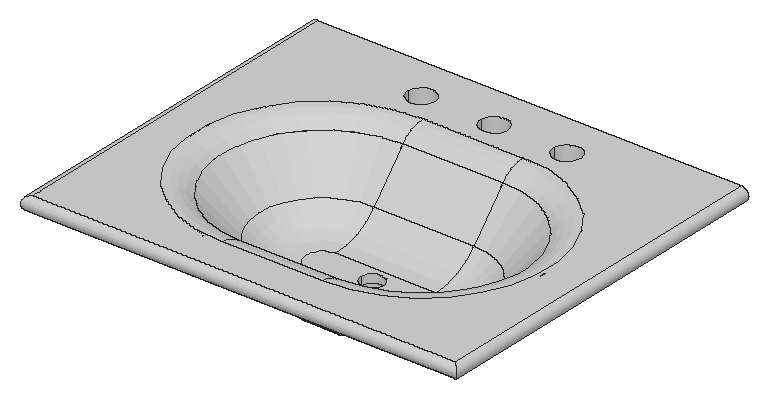
Revit family "Basin-Vanity_Sink-American_Standard-Studio_S-129700X", category Plumbing Fixtures, Revit 2019
Family settings
  Round Connector Dimension = Use Diameter
  Part Type = Normal
  OmniClass Number = 23.45.05.14.14
  OmniClass Title = Sinks/Lavatories
  Work Plane-Based = Yes
  Always vertical = No
  Cut with Voids When Loaded = Yes
  Shared = Yes
  Room Calculation Point = No
Parameters (values of type "1297008.020")
  Width = 24"  # constant formula
  Waste Connection Height = 18 1/8"  # constant formula
  Waste Connection Diameter = 1 1/4"  # constant formula
  Waste Connection = yes
  Warranty Documentation Link = "https://www.americanstandard-us.com/parts-support/warranty"
  WFU = 2
  Vent Connection = no
  URL = "http://www.americanstandard-us.com/"
  Revised Date = "05/03/2022"  # constant formula
  Product Page URL = "https://www.americanstandard-us.com/Countertop-Bathroom-Sinks/Studio-S-24-Inch-Vitreous-China-Vanity-Sink-Top-8-Inch-Centers/WHITE-1297008020"
  Product Documentation Link = "https://americanstandard.box.com/shared/static/87bktvmgrke5nhdzdus6iiyh0ewp0sf6.pdf"
  Price = "Prices may vary. Please consult Manufacturer Representative for most up-to-date price list."  # constant formula
  Model = "1297008.020"
  Material = "Vitreous China-American Standard-020-White"
  Manufacturer = "American Standard"  # constant formula
  Length = 20"  # constant formula
  Installation Type = "Counter"  # constant formula
  IAPMO Compliance = "ASME A112.19.2/CSA B 45.1"  # constant formula
  Hot Water Connection Width = 4"  # constant formula
  Hot Water Connection Height = Cold Water Connection Height  # 20 1/4"
  Hot Water Connection Diameter = Cold Water Connection Diameter  # 1/2"
  Height = 1 5/16"  # constant formula
  HWFU = 1.5
  HW Connection = yes
  Finish = Vitreous China-American Standard-020-White
  Faucet hole HW CW = yes
  Faucet hole HCW = if(Faucet hole Center only, 0", 1 5/16")  # 1 5/16"
  Faucet hole Center only = no
  Description = "Studio® S 24-Inch Vitreous China Vanity Sink Top 8-Inch Centers"
  Default Elevation = 31"
  Creation Date = "5/05/2018"  # constant formula
  Cold Water Connection Width = Hot Water Connection Width  # 4"
  Cold Water Connection Height = 20 1/4"  # constant formula
  Cold Water Connection Diameter = 1/2"  # constant formula
  CWFU = 1.5
  CW Connection = yes
  Assembly Code = "D2010310"
  ADA Compliant = yes
Types (3): name | Product Page URL | Model | Faucet hole HW CW | Faucet hole HCW | Faucet hole Center only | Description | Assembly Code
  (no name) | "https://www.americanstandard-us.com/Countertop-Bathroom-Sinks/Studio-S-24-Inch-Vitreous-China-Vanity-Sink-Top-8-Inch-Centers/WHITE-1297008020" | "1297008.020" | yes | 1 5/16" | no | "Studio® S 24-Inch Vitreous China Vanity Sink Top 8-Inch Centers" | "D2010310"
  1297008.020 | "https://www.americanstandard-us.com/Countertop-Bathroom-Sinks/Studio-S-24-Inch-Vitreous-China-Vanity-Sink-Top-8-Inch-Centers/WHITE-1297008020" | "1297008.020" | yes | 1 5/16" | no | "Studio® S 24-Inch Vitreous China Vanity Sink Top 8-Inch Centers" | "D2010310"
  1297001.020 | "https://www.americanstandard-us.com/Countertop-Bathroom-Sinks/Studio-S-24-Inch-Vitreous-China-Vanity-Sink-Top-Center-Hole-Only/WHITE-1297001020" | "1297001.020" | no | 0" | yes | "Studio® S 24-Inch Vitreous China Vanity Sink Top Center Hole Only" | "D2010300"
Reference planes (in)
  plane 1 "Center (Front/Back)": y = 0
  plane 2: z = 0
  plane 3 "Center (Left/Right)": x = 0
  plane 4: z = 1.3125
  plane 5: z = -10.75
  plane 6: z = -12.875
  plane 7: x = 4
  plane 8: x = -4
  plane 9: z = -3.125
  plane 10: z = -4.6875
  plane 11: x = -12
  plane 12: x = 12
  plane 13: y = -3.5
  plane 14: y = -5.9375
  plane 15: y = -14.3125
  plane 16: y = -23.5
  plane 17: x = -4
  plane 18: x = 4
  plane 19: z = -31
  plane 20: y = -8.0625
  plane 21: x = -9.84375
  plane 22: x = 9.84375
  plane 23: y = -7.21875
  plane 24: y = -21.40625
  plane 25: z = -2.6875
  plane 26: x = -9.75
  plane 27: x = 9.75
  plane 28: x = -2.6950994
  plane 29: x = 2.6597496
  plane 30: y = -7.21875
Forms (in)
  Extrusion 1, solid, not visible
    sketch origin (0, 0, 0) x (1, 0, 0) y (0, 0, 1)
      loop
        circle (0, -12.875) r 0.625
      loop
        circle (4, -10.75) r 0.25
      loop
        circle (-4, -10.75) r 0.25
    from -0.03125 to 0
  Sweep 2, solid, material "Vitreous China-American Standard-020-White" <- "Finish"
    path origin (0, 0, 0) x (1, 0, 0) y (0, 1, 0)
      loop
        line (-12, -3.5) -> (-12, -23.5) -> (12, -23.5) -> (12, -3.5)
    profile origin (-12, -13.5, 0) x (1, 0, 0) y (0, 0, 1)
      loop
        line (1.3883029, 1.3111829) -> (0.3754542, 1.3111829)
        arc (0.3754542, 1.3111829) -> (0.0004542, 0.9361829) -> (0.3754542, 0.5611829) r 0.375
        line (0.3754542, 0.5611829) -> (0.7898706, 0.5611829)
        arc (0.7898706, 0.5611829) -> (0.9384545, 0.4996374) -> (1, 0.3510535) r 0.2101294
        line (1, 0.3510535) -> (1, 0) -> (1.3883029, 0) -> (1.3883029, 1.3111829)
  Sweep 3, solid, material "Vitreous China-American Standard-020-White" <- "Finish"
    path origin (-15.1245458, -3.5, 1.3111829) x (0, -1, 0) y (1, 0, 0)
      loop
        arc (3.8125, 12.3802121) -> (10.8125, 5.3802121) -> (17.8125, 12.3802121) r 7
        line (17.8125, 12.3802121) -> (17.8125, 17.8666306)
        arc (17.8125, 17.8666306) -> (10.8125, 24.8666306) -> (3.8125, 17.8666306) r 7
        line (3.8125, 17.8666306) -> (3.8125, 12.3802121)
    profile origin (-0.0011245, -7.3125, 1.3111829) x (0, 1, 0) y (0, 0, 1)
      loop
        line (0.09375, 0) -> (-0.0672927, 0)
        arc (-0.0672927, 0) -> (-0.8416791, -0.1643478) -> (-1.4825609, -0.6290574) r 1.9065805
        line (-1.4825609, -0.6290574) -> (-3.4818306, -2.8438924)
        arc (-3.4818306, -2.8438924) -> (-4.6583276, -3.6969819) -> (-6.0799054, -3.9986829) r 3.5
        line (-6.0799054, -3.9986829) -> (-6.4584439, -3.9986829) -> (-6.4584439, -4.4361829) -> (-5.3876188, -4.4361829)
        arc (-5.3876188, -4.4361829) -> (-4.3293234, -4.2358162) -> (-3.4175183, -3.6624511) r 2.8950322
        arc (-3.4175183, -3.6624511) -> (-2.7324635, -2.9316325) -> (-2.1548629, -2.1132356) r 7.238307
        arc (-2.1548629, -2.1132356) -> (-1.876998, -1.7161514) -> (-1.5498391, -1.3585877) r 3.7176806
        arc (-1.5498391, -1.3585877) -> (-0.9402988, -0.8168211) -> (-0.2914362, -0.3228294) r 10.748068
        arc (-0.2914362, -0.3228294) -> (-0.1819464, -0.2686414) -> (-0.0612117, -0.25) r 0.4003017
        line (-0.0612117, -0.25) -> (0.09375, -0.25) -> (0.09375, 0)
  Extrusion 4, solid, material "Vitreous China-American Standard-020-White" <- "Finish"
    sketch origin (0, 0, 0) x (1, 0, 0) y (0, 1, 0)
      loop
        line (-10.6116971, -22.1116971) -> (10.6116971, -22.1116971) -> (10.6116971, -3.5) -> (-10.6116971, -3.5) -> (-10.6116971, -22.1116971)
      loop
        line (-2.7443338, -21.40625) -> (2.7420848, -21.40625)
        arc (2.7420848, -21.40625) -> (9.8358348, -14.3125) -> (2.7420848, -7.21875) r 7.09375
        line (2.7420848, -7.21875) -> (-2.7443338, -7.21875)
        arc (-2.7443338, -7.21875) -> (-9.8380838, -14.3125) -> (-2.7443338, -21.40625) r 7.09375
    from 0 to 1.3111829
  Extrusion 5, solid, material "Vitreous China-American Standard-020-White" <- "Finish"
    sketch origin (0, 0, 0) x (1, 0, 0) y (0, 1, 0)
      loop
        arc (2.7420848, -14.8540561) -> (3.2836409, -14.3125) -> (2.7420848, -13.7709439) r 0.5415561
        line (2.7420848, -13.7709439) -> (-2.7443338, -13.7709439)
        arc (-2.7443338, -13.7709439) -> (-3.2858899, -14.3125) -> (-2.7443338, -14.8540561) r 0.5415561
        line (-2.7443338, -14.8540561) -> (2.7420848, -14.8540561)
    from -3.125 to -2.6875
  Revolve 6, solid, material "Vitreous China-American Standard-020-White" <- "Finish"
    sketch origin (60, -14.3125, 48) x (1, 0, 0) y (0, 0, 1)
      loop
        line (-60.625, -52.6875) -> (-60.625, -51.125) -> (-61.714497, -51.125)
        arc (-61.714497, -51.125) -> (-61.5514842, -51.2160353) -> (-61.4767165, -51.3871213) r 0.2925921
        line (-61.4767165, -51.3871213) -> (-61.3784886, -52.5098721)
        arc (-61.3784886, -52.5098721) -> (-61.316103, -52.6363775) -> (-61.1846417, -52.6875) r 0.1945873
        line (-61.1846417, -52.6875) -> (-60.625, -52.6875)
      axis (-60, -51.125) -> (-60, -52.6875)
    angle from 0 to 360
  Sweep 7, solid, material "Vitreous China-American Standard-020-White" <- "Finish"
    path origin (0, 0, 0) x (0, 1, 0) y (0, 0, 1)
      loop
        arc (-21.3873925, 0.3985404) -> (-20.6087305, -0.2654456) -> (-19.9554734, -1.0531303) r 5.9449871
        arc (-19.9554734, -1.0531303) -> (-19.2030074, -2.0439) -> (-18.3676028, -2.965816) r 14.359085
        arc (-18.3676028, -2.965816) -> (-17.1546347, -3.7840215) -> (-15.7200368, -4.0715641) r 3.7224953
        line (-15.7200368, -4.0715641) -> (-14.9375, -4.0715641)
    profile origin (0, -15.3287684, -4.0715641) x (0, 0, 1) y (1, 0, 0)
      loop
        arc (0, -0.8648917) -> (0.0732233, -1.0416684) -> (0.25, -1.1148917) r 0.25
        line (0.25, -1.1148917) -> (0.9593864, -1.1148917) -> (0.9593864, 1.25) -> (0.25, 1.25)
        arc (0.25, 1.25) -> (0.0732233, 1.1767767) -> (0, 1) r 0.25
        line (0, 1) -> (0, -0.8648917)
      loop
        line (0.8343864, -0.9898917) -> (0.8343864, 1.125) -> (0.25, 1.125)
        arc (0.25, 1.125) -> (0.1616117, 1.0883883) -> (0.125, 1) r 0.125
        line (0.125, 1) -> (0.125, -0.8648917)
        arc (0.125, -0.8648917) -> (0.1616117, -0.9532801) -> (0.25, -0.9898917) r 0.125
        line (0.25, -0.9898917) -> (0.8343864, -0.9898917)
  Revolve 8, void
    sketch origin (0, -3.8911028, 10.4134004) x (0, 0.829038, 0.559193) y (0, -0.559193, 0.829038)
      loop
        line (-19.5501876, -0.5436269) -> (-18.0266132, -0.5436269) -> (-18.0266132, -0.1607231) -> (-19.5501876, -0.1607231) -> (-19.5501876, -0.5436269)
      axis (-19.5501876, -0.5436269) -> (-18.0266132, -0.5436269)
    angle from 0 to 360
  Extrusion 9, void
    sketch origin (0, 0, 0) x (1, 0, 0) y (0, 1, 0)
      loop
        circle (0, -14.3125) r 0.625
    from -4.6875 to 0
  Extrusion 10, void
    sketch origin (0, 0, 0) x (1, 0, 0) y (0, 1, 0)
      loop
        circle (-4, -5.9375) r 0.75
      loop
        circle (4, -5.9375) r 0.75
    from -3.125 to 1.3125 <- "Faucet hole HCW"
  Extrusion 11, void
    sketch origin (0, 0, 0) x (1, 0, 0) y (0, 1, 0)
      loop
        circle (0, -5.9375) r 0.75
    from 0 to 1.3125
  Extrusion 12, void
    sketch origin (38.8323616, -28.2136921, 0) x (1, 0, 0) y (0, 1, 0)
      loop
        line (-28.3328157, 23.2136921) -> (-49.3323616, 23.2136921) -> (-49.3323616, 6.2136921) -> (-28.3328157, 6.2136921) -> (-28.3328157, 23.2136921)
    from -4.6875 to 1.3125
Cuts and joins
  Extrusion 9, Extrusion 10, Extrusion 11 cuts Sweep 2
  Revolve 8, Extrusion 9, Extrusion 10, Extrusion 11 cuts Sweep 3
  Extrusion 9, Extrusion 10, Extrusion 11 cuts Extrusion 4
  Extrusion 9, Extrusion 10, Extrusion 11 cuts Extrusion 5
  Extrusion 9, Extrusion 10, Extrusion 11 cuts Revolve 6
  Revolve 8, Extrusion 9, Extrusion 10, Extrusion 11 cuts Sweep 7
  joined: Sweep 2, Sweep 3, Extrusion 4, Extrusion 5, Revolve 6, Sweep 7
Lines and regions (in)
  Masking region 1
    outline origin (0, 0, 0) x (1, 0, 0) y (0, 1, 0)
      loop
        line (-11.9995458, -3.5) -> (-11.9995458, -23.5) -> (12, -23.5) -> (12, -3.5) -> (-11.9995458, -3.5)
  symbolic lines, visible <- "Faucet hole HW CW", detail levels medium+fine
    curve 1: circle (-4, -5.9375, 0) r 0.75 normal (0, 0, -1)
    curve 3: circle (4, -5.9375, 0) r 0.75 normal (0, 0, -1)
  symbolic lines, detail levels medium+fine
    curve 2: circle (0, -5.9375, 0) r 0.75 normal (0, 0, -1)
    curve 5: circle (0, -14.3125, 0) r 0.625 normal (0, 0, 1)
  symbolic lines, detail levels fine
    curve 4: spline (0.0000185, -18.6991459, 0) -> (0.1940178, -18.7385898, 0) -> (0.3343646, -18.8411815, 0) -> (0.3836748, -18.9795937, 0) -> (0.3288137, -19.1169574, 0) -> (0.1843945, -19.2166832, 0) -> (-0.0111137, -19.252207, 0) -> (-0.2056335, -19.2140664, 0) -> (-0.3473506, -19.1124209, 0) -> (-0.3985157, -18.9743458, 0) -> (-0.3455002, -18.8366201, 0) -> (-0.2024256, -18.73593, 0) -> (-0.0074028, -18.6990961, 0)
    curve 6: arc (-2.7443338, -21.40625, 0) -> (-9.8380838, -14.3125, 0) -> (-2.7443338, -7.21875, 0) r 7.09375
    curve 7: line (2.7420848, -7.21875, 0) -> (-2.7443338, -7.21875, 0)
    curve 8: arc (2.7420848, -7.21875, 0) -> (9.8358348, -14.3125, 0) -> (2.7420848, -21.40625, 0) r 7.09375
    curve 9: line (-2.7443338, -21.40625, 0) -> (2.7420848, -21.40625, 0)
Dimensions and locks (in)
  "Height": plane 4 to plane 2
  plane 4 to plane 9 = 4 7/16"
  plane 4 to plane 10 = 6"
  locked: plane 13 to plane 1 "Center (Front/Back)" at 3.5
  locked: plane 14 to plane 13 at 2.4375
  plane 15 to plane 13 = 10 13/16"
  "Length": plane 16 to plane 13
  equal spacing: plane 11, plane 3 "Center (Left/Right)", plane 12
  "Width": plane 11 to plane 12
  "Waste Connection Height": plane 6 to plane 19
  "Cold Water Connection Height": plane 5 to plane 19
  "Cold Water Connection Width": plane 8 to plane 3 "Center (Left/Right)"
  "Cold Water Connection Width": plane 7 to plane 3 "Center (Left/Right)"
  "Default Elevation": level to plane 19
  plane 1 "Center (Front/Back)" to plane 13 = 3 1/2"
  Sweep 3 sketch curve to plane 23 = 3/32"
  plane 21 to plane 22 = 19 11/16"
  plane 24 to plane 23 = 14 3/16"
  aligned and locked: plane 1 "Center (Front/Back)" to Extrusion 1
  aligned and locked: Sweep 2 sketch curve to plane 11
  aligned and locked: Sweep 2 sketch curve to plane 16
  aligned and locked: Sweep 2 sketch curve to plane 12
  aligned and locked: Extrusion 4 sketch curve to Sweep 2  (x3)
  aligned and locked: Extrusion 4 sketch curve to plane 13
  aligned and locked: Sweep 2 to Extrusion 4  (x2)
  aligned and locked: plane 9 to Extrusion 5
  aligned and locked: plane 15 to Extrusion 9 sketch curve
  aligned and locked: plane 3 "Center (Left/Right)" to Extrusion 9 sketch curve
  aligned and locked: plane 10 to Extrusion 9
  aligned and locked: level to Extrusion 9
  aligned and locked: Extrusion 11 to level
  aligned and locked: plane 4 to Extrusion 11
  aligned and locked: plane 9 to Extrusion 10
  aligned and locked: plane 10 to Extrusion 12
  aligned and locked: plane 4 to Extrusion 12
  aligned and locked: curve 1 to cut or joined group 1 (Sweep 2, Sweep 3, Extrusion 4, Extrusion 5, Revolve 6, Sweep 7, Revolve 8, Extrusion 9, Extrusion 10, Extrusion 11)
  aligned and locked: curve 2 to cut or joined group 1
  aligned and locked: curve 3 to cut or joined group 1
  aligned and locked: curve 5 to cut or joined group 1
  aligned and locked: plane 5 to Extrusion 1 sketch curve  (x2)
  aligned and locked: plane 17 to Extrusion 1 sketch curve
  aligned and locked: plane 3 "Center (Left/Right)" to Extrusion 1 sketch curve
  aligned and locked: plane 6 to Extrusion 1 sketch curve
  aligned and locked: plane 18 to Extrusion 1 sketch curve
Automatic sketch dimensions
  plane 13 to Sweep 2 sketch curve = 0"  (x2)
  Extrusion 10 sketch curve to plane 8 = 0"
  Extrusion 10 sketch curve to plane 7 = 0"
  plane 14 to Extrusion 10 sketch curve = 0"  (x2)
  Extrusion 11 sketch curve to plane 3 "Center (Left/Right)" = 0"
  plane 14 to Extrusion 11 sketch curve = 0"
  plane 11 to Extrusion 12 sketch curve = 1 1/2"
  Extrusion 12 sketch curve to plane 12 = 1.50045"
  Extrusion 12 sketch curve to plane 16 = 1 1/2"
  Extrusion 12 sketch curve to plane 14 = 15/16"
  Sweep 2 sketch curve to level = 0"
  Sweep 2 sketch curve to profile plane = 0.37545"
  Sweep 2 sketch curve to Sweep 2 sketch curve = 0.41442"
  Sweep 2 sketch curve to Sweep 2 sketch curve = 0.21013"
  Sweep 2 sketch curve to Sweep 2 sketch curve = 0.3883"
  Sweep 2 sketch curve to Sweep 2 sketch curve = 0.35105"
  Sweep 2 sketch curve to Sweep 2 sketch curve = 3/8"
  Revolve 6 sketch curve to plane 9 = 0"
  Revolve 6 sketch curve to plane 10 = 0"
  Revolve 6 sketch curve to plane 3 "Center (Left/Right)" = 0"
  Revolve 6 sketch curve to plane 3 "Center (Left/Right)" = 5/8"
  Revolve 6 sketch curve to Revolve 6 sketch curve = 0.55964"
  Revolve 6 sketch curve to plane 10 = 0.17763"
  Revolve 6 sketch curve to Revolve 6 sketch curve = 0.19385"
  plane 9 to Revolve 6 sketch curve = 0.26212"
  Revolve 6 sketch curve to Revolve 6 sketch curve = 0.85172"
  Revolve 6 sketch curve to Revolve 6 sketch curve = 0.23778"
  plane 9 to Revolve 6 sketch curve = 0.28762"
  plane 10 to Revolve 6 sketch curve = 0.55224"
  Revolve 6 sketch curve to Revolve 6 sketch curve = 1/2"
  Sweep 7 sketch curve to plane 10 = 0.24721"
  plane 16 to Sweep 7 sketch curve = 1.34117"
  Sweep 7 sketch curve to level = 0.34907"
  plane 15 to Sweep 7 sketch curve = 1.40754"
  plane 14 to Sweep 7 sketch curve = 2.21743"
  Sweep 7 sketch curve to plane 10 = 0.61594"
  plane 4 to Sweep 7 sketch curve = 5.81548"
  level to Sweep 7 sketch curve = 0.39854"
  Sweep 7 sketch curve to plane 16 = 2.11261"
  Sweep 7 sketch curve to Sweep 7 sketch curve = 0"  (x5)
  plane 15 to Sweep 7 sketch curve = 5/8"
  Sweep 7 sketch curve to profile plane = 0"
  Sweep 7 sketch curve to Sweep 7 sketch curve = 1/8"  (x3)
  Sweep 7 sketch curve to profile plane = 1/4"
  Sweep 7 sketch curve to Sweep 7 sketch curve = 0.58439"
  Sweep 7 sketch curve to plane 3 "Center (Left/Right)" = 1.11489"
  plane 3 "Center (Left/Right)" to Sweep 7 sketch curve = 1"
  Revolve 8 sketch curve to level = 0.96961"
  Revolve 8 sketch curve to plane 16 = 3.70505"
  Revolve 8 sketch curve to Revolve 8 sketch curve = 1.52357"
  Revolve 8 sketch curve to Revolve 8 sketch curve = 0.3829"
  Revolve 8 sketch curve to Revolve 8 sketch curve = 0.42789"
  Revolve 8 sketch curve to Revolve 8 sketch curve = 0.14344"
  Revolve 8 sketch curve to Revolve 8 sketch curve = 0"
  plane 16 to Masking region 1 sketch curve = 0"
  plane 13 to Masking region 1 sketch curve = 0"
  Masking region 1 sketch curve to plane 12 = 0"
  plane 11 to Masking region 1 sketch curve = 0.00045"
  Sweep 3 sketch curve to profile plane = 0"
  Sweep 3 sketch curve to profile plane = 3/32"
  profile plane to Sweep 3 sketch curve = 0.06121"
  profile plane to Sweep 3 sketch curve = 0.06729"
  Sweep 3 sketch curve to profile plane = 0.62906"
  Sweep 3 sketch curve to Sweep 3 sketch curve = 1.42135"
  Sweep 3 sketch curve to plane 20 = 2.73183"
  Sweep 3 sketch curve to Sweep 3 sketch curve = 1.90579"
  Sweep 3 sketch curve to Sweep 3 sketch curve = 0.69229"
  Sweep 3 sketch curve to Sweep 3 sketch curve = 0.37854"
  profile plane to Sweep 3 sketch curve = 1.64133"
  Sweep 3 sketch curve to Sweep 3 sketch curve = 2.26336"
  Sweep 3 sketch curve to profile plane = 1.02357"
  Sweep 3 sketch curve to profile plane = 5.89007"
  Sweep 3 sketch curve to profile plane = 2.84389"
  Sweep 3 sketch curve to Sweep 3 sketch curve = 1.15479"
  Sweep 3 sketch curve to Sweep 3 sketch curve = 2.13505"
  Sweep 3 sketch curve to Sweep 3 sketch curve = 7/16"
  Sweep 3 sketch curve to Sweep 3 sketch curve = 5.07381"
  Sweep 3 sketch curve to Sweep 3 sketch curve = 1.04247"
  Sweep 3 sketch curve to profile plane = 0.6503"
  Sweep 3 sketch curve to profile plane = 1/4"
  Sweep 3 sketch curve to Sweep 3 sketch curve = 0"  (x3)
  Sweep 3 sketch curve to Sweep 3 sketch curve = 7"
  Sweep 2 to Sweep 3 sketch curve = 7.86736"
  Sweep 3 sketch curve to Sweep 3 sketch curve = 5.48642"
  curve 4 to plane 3 "Center (Left/Right)" = 0.0074"
  plane 3 "Center (Left/Right)" to curve 4 = 0"
  plane 3 "Center (Left/Right)" to curve 4 = 0.38371"
  curve 4 to plane 24 = 2.43059"
  curve 4 to curve 4 = 0.27651"
  curve 7 to plane 7 = 1.25792"
  plane 24 to curve 8 = 0"
  plane 23 to curve 7 = 0"
  curve 9 to plane 8 = 1.25567"
  plane 23 to Extrusion 4 sketch curve = 0"
  plane 24 to Extrusion 4 sketch curve = 0"
  Extrusion 4 sketch curve to plane 8 = 1.25567"
  Extrusion 4 sketch curve to plane 7 = 1.25792"
  plane 15 to Extrusion 5 sketch curve = 0"
  plane 15 to Extrusion 5 sketch curve = 0.54156"
  Extrusion 5 sketch curve to plane 8 = 1.25567"
  Extrusion 5 sketch curve to plane 7 = 1.25792"
  radius of Extrusion 1 sketch curve = 5/8"
  radius of Extrusion 1 sketch curve = 1/4"  (x2)
  radius of Extrusion 9 sketch curve = 5/8"
  radius of Extrusion 10 sketch curve = 3/4"  (x2)
  radius of Extrusion 11 sketch curve = 3/4"
Connectors (in)
  piping at (-4, 0.03125, -10.75), diameter 0.5, driven by "HWFU", driven by "Cold Water Connection Diameter"
    settings: on Extrusion 1, index 1, connector inside diameter 24", connector length 0", flow factor 0, pipe flow 0 GPM, pressure drop 0.00 psi, fitting loss kfactor 0, connector angle 0.00°, fixture units 1.5, engagement length 0", angle of deflection 0.00°, flow configuration 3, flow direction 1, fitting loss method 0, system type 19, joint type 0, gender type 0, connector reference index -1, connector utility 0, adjustable connector no, is connector primary yes, connector description "1/2\" HW Inlet supply"
  piping at (0, 0.03125, -12.875), diameter 1.25, driven by "WFU", driven by "Waste Connection Diameter"
    settings: on Extrusion 1, index 2, connector inside diameter 24", connector length 0", flow factor 0, pipe flow 0 GPM, pressure drop 0.00 psi, fitting loss kfactor 0, connector angle 0.00°, fixture units 2, engagement length 0", angle of deflection 0.00°, flow configuration 3, flow direction 2, fitting loss method 0, system type 16, joint type 0, gender type 0, connector reference index -1, connector utility 0, adjustable connector yes, is connector primary no, connector description "1 1/4\" Waste Outlet Supply"
  piping at (4, 0.03125, -10.75), diameter 0.5, driven by "CWFU", driven by "Cold Water Connection Diameter"
    settings: on Extrusion 1, index 3, connector inside diameter 24", connector length 0", flow factor 0, pipe flow 0 GPM, pressure drop 0.00 psi, fitting loss kfactor 0, connector angle 0.00°, fixture units 1.5, engagement length 0", angle of deflection 0.00°, flow configuration 3, flow direction 1, fitting loss method 0, system type 20, joint type 0, gender type 0, connector reference index -1, connector utility 0, adjustable connector no, is connector primary no, connector description "1/2\" CW Inlet Supply"
